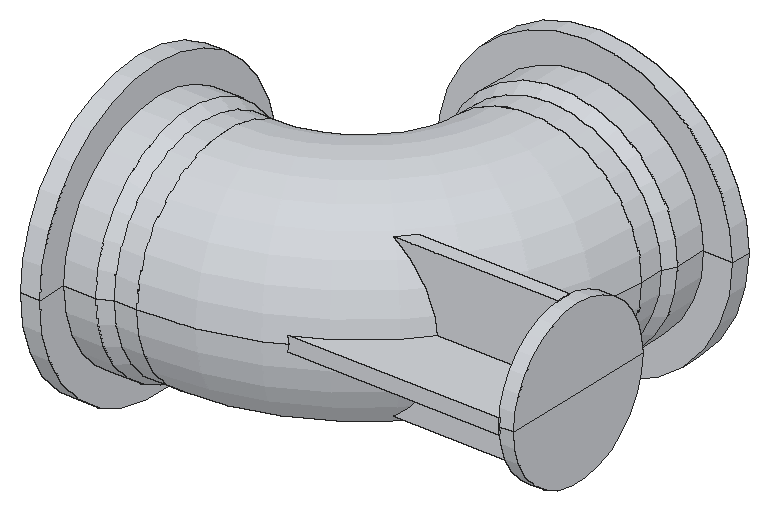
Revit family "43569a76dc0544a196ecd8fd120ea7a6", category Pipe Fittings, Revit 2021
Family settings
  Round Connector Dimension = Use Radius
  Part Type = Elbow
  OmniClass Number = 23.60.30.11.14
  OmniClass Title = Pipework Fittings
  Seek Item ID = Elbow - Threaded - MI - Class 300-0000-USA-ENU
  Work Plane-Based = No
  Always vertical = Yes
  Cut with Voids When Loaded = No
  Shared = No
Parameters (values of type "Standard")
  Tick Size [instance] = Fitting Outside Diameter * 0.4  # 6.1200"
  Socket Outside Radius [instance] = Socket Outside Diameter / 2  # 8.0950"
  Socket Outside Diameter [instance] = size_lookup(Lookup Table Name, "SOD", 1.08 * Nominal Diameter + 1.1200", Nominal Diameter)  # 16.1900"
  Socket Depth [instance] = if(Nominal Diameter < 14.0000", 2.5000", if(Nominal Diameter < 30.0000", 3.5000", 4.0000"))  # 3.5000"
  Round Base Radius [instance] = Round Base Diameter / 2  # 5.5000"
  Round Base Diameter [instance] = size_lookup(Lookup Table Name, "RBD", 0.43 * Nominal Diameter + 4.7200", Nominal Diameter)  # 11.0000"
  Rib Thickness [instance] = size_lookup(Lookup Table Name, "RThk", 0.03 * Nominal Diameter + 0.4900", Nominal Diameter)  # 1.0000"
  Lookup Table Name = "Base Bend - MJ - GI - Class 150"
  Length 9 [instance] = if(Fitting Outside Radius > Round Base Radius, Round Base Radius, Fitting Outside Radius)  # 5.5000"
  Length 8 [instance] = if(Length 7 < 0.0000", Round Base Radius, Fitting Outside Radius + Length 7)  # 5.5000"
  Length 7 [instance] = tan(Angle 1) * (Center to Socket Bottom - Bevel Length)  # -1.10061"
  Length 6 [instance] = Center to Face + Center to Socket Bottom - Bevel Length  # 25.6100"
  Length 5 [instance] = Length 4 + Bevel Length + Socket Depth  # 6.0000"
  Length 4 [instance] = Center to Socket Bottom - Bevel Length - Length 1  # 1.6100"
  Length 3 [instance] = sin(Angle) * (Center to Socket Bottom + Socket Depth)  # 17.5000"
  Length 2 [instance] = cos(Angle) * (Center to Socket Bottom + Socket Depth)  # 0.0000"
  Length 1 [instance] = tan(Angle / 2) * Center Radius  # 11.5000"
  Length 11 [instance] = Center to Face + Length 1 - Length 10  # 19.30958"
  Length 10 [instance] = sqrt((Center Radius + (Center Radius - Rib Thickness)) * Rib Thickness)  # 4.69042"
  Gland Width [instance] = size_lookup(Lookup Table Name, "GWid", 0.03 * Nominal Diameter + 0.9400", Nominal Diameter)  # 1.3100"
  Gland Outside Radius [instance] = Gland Outside Diameter / 2  # 10.1250"
  Gland Outside Diameter [instance] = size_lookup(Lookup Table Name, "GOD", 1.16 * Nominal Diameter + 4.0300", Nominal Diameter)  # 20.2500"
  Fitting Outside Radius [instance] = Fitting Outside Diameter / 2  # 7.6500"
  Fitting Outside Diameter [instance] = size_lookup(Lookup Table Name, "FOD", 1.04 * Nominal Diameter + 0.7000", Nominal Diameter)  # 15.3000"
  Nominal Radius [instance] = 7.0000"
  Nominal Diameter [instance] = Nominal Radius * 2  # 14.0000"
  Loss Method = K Coefficient from Table
  K Coefficient Table = "Long Radius Elbow"
  Default Elevation = 0.0000"
  Center to Socket Bottom [instance] = size_lookup(Lookup Table Name, "CtSB", Center to Socket Bottom Not Found, Nominal Diameter, Angle)  # 14.0000"
  Center to Socket Bottom Not Found [instance] = tan(Angle / 2) * Center Radius + Bevel Length + 1.0000"  # 13.3900"
  Center to Face [instance] = size_lookup(Lookup Table Name, "CtF", 0.65 * Nominal Diameter + 3.1200", Nominal Diameter)  # 12.5000"
  Center Radius [instance] = size_lookup(Lookup Table Name, "CRad", 0.69 * Nominal Diameter + 1.8100", Nominal Diameter, Angle)  # 11.5000"
  Bevel Length [instance] = size_lookup(Lookup Table Name, "BvLgt", 0.04 * Nominal Diameter + 0.4300", Nominal Diameter)  # 0.8900"
  Base Thickness [instance] = size_lookup(Lookup Table Name, "BThk", 0.03 * Nominal Diameter + 0.4900", Nominal Diameter)  # 1.0000"
  Assembly Code = ""
  Angle 1 [instance] = atan((Round Base Radius - Fitting Outside Radius) / Length 6)  # -4.79882°
  Angle [instance] = 90.00°  # constant formula
Reference planes (in)
  plane 1 "Center (Front/Back)": y = 0
  plane 2: z = 0
  plane 3 "Center (Left/Right)": x = 0
  plane 4: x = -11.5
  plane 5: x = -13.11
  plane 6: y = 11.5
  plane 7: y = 6.12
  plane 8: y = -6.12
  plane 9: x = 0
  plane 10: y = 17.5
  plane 11: x = -17.5
  plane 12: x = -16.19
  plane 13: y = 10.125
  plane 14: y = 8.095
  plane 15: y = 7.65
  plane 16: x = -14
  plane 17: x = 11.5
  plane 18: x = 12.5
  plane 19: y = 0.5
  plane 20: y = -0.5
  plane 21: z = 0.5
  plane 22: z = -0.5
  plane 23: y = 5.5
  plane 24: z = 5.5
  plane 25: z = -5.5
  plane 26: z = 7.65
  plane 27: z = -7.65
  plane 28: y = -5.5
Forms (in)
  Sweep 1, solid, detail levels fine
    path in 3D
      loop
        arc (-11.5, 0, 0) -> (-3.36827, 3.36827, 0) -> (0, 11.5, 0) r 11.5
    profile origin (-3.36827, 3.36827, 0) x (-0.707107, 0.707107, 0) y (0, 0, 1)
      loop
        circle (0, 0) r 7.65
  Revolve 2, solid, detail levels fine
    sketch origin (0, 17.5, 0) x (0, -1, 0) y (1, 0, 0)
      loop
        line (0, 0) -> (0, -10.125) -> (1.31, -10.125) -> (1.31, -8.095) -> (3.5, -8.095) -> (4.39, -7.65) -> (6, -7.65) -> (6, 0) -> (0, 0)
      axis (0, 0) -> (6, 0)
    angle from 0 to 360
  Revolve 3, solid, detail levels fine
    sketch origin (0, 0, 0) x (1, 0, 0) y (0, 1, 0)
      loop
        line (-17.5, 0) -> (-11.5, 0) -> (-11.5, 7.65) -> (-13.11, 7.65) -> (-14, 8.095) -> (-16.19, 8.095) -> (-16.19, 10.125) -> (-17.5, 10.125) -> (-17.5, 0)
      loop
        line (11.5, 0) -> (12.5, 0) -> (12.5, 5.5) -> (11.5, 5.5) -> (11.5, 0)
      axis (-17.5, 0) -> (12.5, 0)
    angle from 0 to 360
  Extrusion 4, solid, detail levels fine
    sketch origin (0, 0, 0) x (1, 0, 0) y (0, 0, 1)
      loop
        line (11.5, 5.5) -> (-13.11, 5.5) -> (-13.11, -5.5) -> (11.5, -5.5) -> (11.5, 5.5)
    from -0.5 to 0.5
  Extrusion 5, solid, detail levels fine
    sketch origin (0, 0, 0) x (1, 0, 0) y (0, 1, 0)
      loop
        line (11.5, 5.5) -> (0, 5.5) -> (0, 0) -> (-14, 0) -> (-14, -5.5) -> (11.5, -5.5) -> (11.5, 5.5)
    from -0.5 to 0.5
Cuts and joins
  joined: Extrusion 4, Extrusion 5
  joined: Sweep 1, Revolve 2, Revolve 3
Lines and regions (in)
  model lines, style "PipeFitting", detail levels coarse+medium
    curve 1: line (-17.5, 0, 0) -> (12.5, 0, 0)
    curve 2: arc (-11.5, 0, 0) -> (-3.36827, 3.36827, 0) -> (0, 11.5, 0) r 11.5
    curve 3: line (0, 11.5, 0) -> (0, 17.5, 0)
    curve 10: line (-6.80958, 1, 0) -> (12.5, 1, 0)
  sketch lines
    curve 4: arc (-11.5, 0, 0) -> (-3.36827, 3.36827, 0) -> (0, 11.5, 0) r 11.5
  model lines, detail levels coarse+medium
    curve 5: line (-17.5, 0, 0) -> (-17.5, 6.12, 0)
    curve 6: line (-17.5, 0, 0) -> (-17.5, -6.12, 0)
    curve 7: line (0, 17.5, 0) -> (-6.12, 17.5, 0)
    curve 8: line (0, 17.5, 0) -> (6.12, 17.5, 0)
  reference lines, not visible
    curve 9: line (0, 17.5, 0) -> (0, 10.18528, 0)
Dimensions and locks (in)
  "Center Radius": plane 6 to plane 1 "Center (Front/Back)"
  "Tick Size": plane 7 to plane 1 "Center (Front/Back)"
  "Tick Size": plane 8 to plane 1 "Center (Front/Back)"
  "Tick Size": curve 7 to curve 7
  "Tick Size": curve 8 to curve 8
  "Socket Outside Radius": Revolve 2 sketch curve to Revolve 2 sketch curve
  "Gland Width": Revolve 2 sketch curve to Revolve 2 sketch curve
  "Fitting Outside Radius": Revolve 2 sketch curve to Revolve 2 sketch curve
  "Gland Outside Radius": Revolve 2 sketch curve to Revolve 2 sketch curve
  "Socket Depth": Revolve 2 sketch curve to Revolve 2 sketch curve
  "Length 1": plane 4 to plane 3 "Center (Left/Right)"
  "Length 3": plane 10 to plane 1 "Center (Front/Back)"
  "Gland Width": plane 11 to plane 12
  "Fitting Outside Radius": plane 15 to plane 1 "Center (Front/Back)"
  "Socket Outside Radius": plane 14 to plane 1 "Center (Front/Back)"
  "Gland Outside Radius": plane 13 to plane 1 "Center (Front/Back)"
  "Bevel Length": plane 16 to plane 5
  "Socket Depth": plane 11 to plane 16
  "Center to Socket Bottom": plane 16 to plane 3 "Center (Left/Right)"
  "Length 2": plane 3 "Center (Left/Right)" to plane 9
  "Length 5": Revolve 2 sketch curve to Revolve 2 sketch curve
  equal spacing: plane 21, plane 2, plane 22
  "Rib Thickness": plane 21 to plane 22
  equal spacing: plane 20, plane 1 "Center (Front/Back)", plane 19
  "Rib Thickness": plane 20 to plane 19
  "Round Base Radius": plane 23 to plane 1 "Center (Front/Back)"
  "Center to Face": plane 3 "Center (Left/Right)" to plane 18
  "Base Thickness": plane 17 to plane 18
  "Fitting Outside Radius": plane 26 to plane 2
  "Fitting Outside Radius": plane 2 to plane 27
  "Round Base Radius": plane 24 to plane 2
  "Round Base Radius": plane 2 to plane 25
  "Round Base Radius": plane 28 to plane 1 "Center (Front/Back)"
  "Length 8": plane 1 "Center (Front/Back)" to Extrusion 5 sketch curve
  "Length 9": Extrusion 5 sketch curve to plane 1 "Center (Front/Back)"
  "Length 9": Extrusion 4 sketch curve to plane 2
  "Length 9": plane 2 to Extrusion 4 sketch curve
  "Rib Thickness": plane 1 "Center (Front/Back)" to curve 10
  "Length 11": curve 10 to curve 10
  "Length 4": Revolve 2 sketch curve to Revolve 2 sketch curve
  "Center Radius": radius of curve 2
  "Fitting Outside Radius": radius of Sweep 1 sketch curve
  "Angle": angle curve 2 to curve 2
  "Angle": angle plane 1 "Center (Front/Back)" to curve 3
  locked: curve 8 to curve 3 (angle 90.00°)
  locked: curve 3 to curve 7 (angle 90.00°)
  "Angle": angle plane 10 to curve 9
  aligned and locked: plane 4 to curve 2
  aligned and locked: plane 7 to curve 5
  aligned and locked: plane 1 "Center (Front/Back)" to curve 6
  aligned and locked: plane 8 to curve 6
  aligned and locked: plane 9 to curve 9
  aligned and locked: plane 10 to curve 9
  aligned and locked: Revolve 2 sketch curve to curve 9
  aligned and locked: curve 6 to plane 11
  aligned and locked: Revolve 3 sketch curve to plane 13
  aligned and locked: plane 11 to Revolve 3 sketch curve
  aligned and locked: Revolve 3 sketch curve to plane 12
  aligned and locked: Revolve 3 sketch curve to plane 14
  aligned and locked: Revolve 3 sketch curve to plane 4
  aligned and locked: plane 16 to Revolve 3 sketch curve
  aligned and locked: plane 5 to Revolve 3 sketch curve
  aligned and locked: plane 15 to Revolve 3 sketch curve
  aligned and locked: Revolve 3 sketch curve to plane 1 "Center (Front/Back)"
  aligned and locked: plane 17 to Revolve 3 sketch curve
  aligned and locked: Revolve 3 sketch curve to plane 18
  aligned and locked: Revolve 3 sketch curve to plane 23
  aligned and locked: plane 19 to Extrusion 4
  aligned and locked: plane 20 to Extrusion 4
  aligned and locked: plane 17 to Extrusion 5 sketch curve
  aligned and locked: plane 28 to Extrusion 5 sketch curve
  aligned and locked: plane 23 to Extrusion 5 sketch curve
  aligned and locked: plane 1 "Center (Front/Back)" to Extrusion 5 sketch curve
  aligned and locked: plane 9 to Extrusion 5 sketch curve
  aligned and locked: Extrusion 5 sketch curve to plane 16
  aligned and locked: plane 22 to Extrusion 5
  aligned and locked: plane 21 to Extrusion 5
  aligned and locked: plane 24 to Extrusion 4 sketch curve
  aligned and locked: plane 18 to curve 1
  aligned and locked: plane 18 to curve 10
Automatic sketch dimensions
  Sweep 1 sketch curve to profile plane = 0.0000"  (x2)
  plane 1 "Center (Front/Back)" to Revolve 3 sketch curve = 0.0000"  (x2)
  Revolve 3 sketch curve to plane 4 = 0.0000"
  Revolve 3 sketch curve to Revolve 3 sketch curve = 0.7500"
  Extrusion 4 sketch curve to plane 5 = 0.0000"
  Extrusion 4 sketch curve to plane 17 = 0.0000"
  curve 8 to plane 10 = 0.0000"
  Revolve 2 sketch curve to curve 9 = 0.0000"  (x2)
  Revolve 2 sketch curve to Revolve 2 sketch curve = 1.0000"
  Revolve 2 sketch curve to Revolve 2 sketch curve = 0.78127"
Connectors (in)
  piping at (-17.5, 0, 0), diameter 14, driven by "Angle", driven by "Nominal Radius"
    settings: on Revolve 3, index 1, connector inside diameter 14.0000", connector length 0.0000", flow factor 0, pipe flow 0 GPM, pressure drop 0.00 psi, fitting loss kfactor 0, connector angle 90.00°, fixture units 0, engagement length 0.0000", angle of deflection 0.00°, flow configuration 0, flow direction 0, fitting loss method 0, system type 28, joint type 0, gender type 0, connector reference index 2, connector utility 0, adjustable connector no, is connector primary yes, connector description ""
  piping at (0, 17.5, 0), diameter 14, driven by "Angle", driven by "Nominal Radius"
    settings: on Revolve 2, index 2, connector inside diameter 14.0000", connector length 0.0000", flow factor 0, pipe flow 0 GPM, pressure drop 0.00 psi, fitting loss kfactor 0, connector angle 90.00°, fixture units 0, engagement length 0.0000", angle of deflection 0.00°, flow configuration 0, flow direction 0, fitting loss method 0, system type 28, joint type 0, gender type 0, connector reference index 1, connector utility 0, adjustable connector no, is connector primary no, connector description ""
